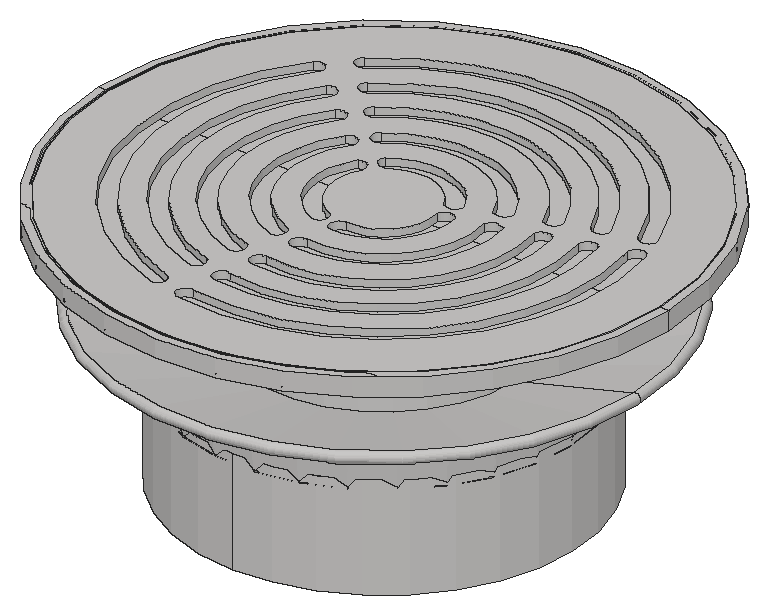
Revit family "Drain_Floor_Medium-Duty_Adjustable_Zurn-Z1726-1", category Plumbing Fixtures, Revit 2022
Family settings
  Round Connector Dimension = Use Radius
  Part Type = Normal
  OmniClass Number = 23.45.55.21
  OmniClass Title = Drains (Wastes)
  Work Plane-Based = No
  Always vertical = Yes
  Cut with Voids When Loaded = No
  Maintain Annotation Orientation = No
  Shared = No
  Room Calculation Point = No
Parameters (values of type "Load Family Type Catalog")
  Waste Connection = yes
  URL = "www.zurn.com"
  Type Comments = "Z1726-6 Inch Butt-Weld 10” Dia. Top (Sch.10)"
  Strainer Range [instance] = if(Enter Value_Strainer Height < 1.50", 1.50", if(Enter Value_Strainer Height > 2.625", 2.625", Enter Value_Strainer Height))  # 1.50"
  Strainer Height 1.5 [instance] = if(Enter Value_Strainer Height = 1.50", 1.53", if(Enter Value_Strainer Height = 2.63", 2.63", Enter Value_Strainer Height))  # 1.53"
  Enter Value_Strainer Height [instance] = 1.50"
  Slot distance Vertical = 1.61414"
  Slot distance Horizontal = 1.94479"
  Product data URL = "https://www.bimobject.com/en-in/zurnindustries/product/zurn-z1726"
  Product Page URL = "https://www.zurn.com/products/drainage-interceptors/floor-drains/finish-floor-drains/z1726"
  Product Documentation Link = "https://files.zurn.com/spec-sheets/z1726.pdf"
  Outside Diameter = 6.625"
  Modified Date = "08/28/2025"  # constant formula
  Model = "Z1726"  # constant formula
  Manufacturer Brand = "Zurn"  # constant formula
  Manufacturer = "Zurn Water, LLC"  # constant formula
  Main Material = Steel-Zurn-Stainless-304
  Inner Diameter = 6.357"
  Description = "Adjustable Floor Drain Medium Duty With Round Top"  # constant formula
  Default Elevation = 20.00"
  Date Created = "2025/11/07"  # constant formula
  Bottom Connector Constraint = E_Body Height - 1.53125"  # 1.34375"
  Body = Steel-Zurn-Stainless-304-Polished-Silver
  B_Strainer Dia = 10.00"
  B2_Strainer Exterior Radius = 5.00"
  B1_Strainer Interior Radius = B2_Strainer Exterior Radius - 0.15625"  # 4.84375"
  Assembly Code = "D2030300"
  Approx. Weight (lbs) = 27
  Anno_height [instance] = if(Enter Value_Strainer Height = 1.50", 1.53", if(Enter Value_Strainer Height = 2.63", 2.63", Enter Value_Strainer Height))  # 1.53"
  Anno_Strainer Dia Exterior = B2_Strainer Exterior Radius * 2  # 10.00"
  Anno_Outlet Dia Exterior = A2_Outlet Radius Exterior * 2  # 6.625"
  Anno Strainer constrain = 0.87546"
  A_Nominal Radius = A_Nominal Dia / 2  # 3.00"
  A2_Outlet Radius Exterior = Outside Diameter / 2  # 3.3125"
  A1_Outlet Radius Interior = Inner Diameter / 2  # 3.1785"
  E_Body Height = 2.875"
  A_Nominal Dia = 6.00"
  8_Strainer Slots = yes
  10 Model lines slots = yes
  7_Strainer Slots = yes
  6_Strainer Slots = yes
  5_Strainer Slots = yes
  10_Strainer Slots = yes
Reference planes (in)
  plane 1 "Center (Front/Back)": y = 0
  plane 2: z = 0
  plane 3 "Center (Left/Right)": x = 0
  plane 4: z = -4.375
  plane 5: z = -1.5
  plane 6: z = -1.5
  plane 7: z = -3.03125
  plane 8: z = -0.25
  plane 9: x = -1.99876
  plane 10: x = 1.99876
  plane 11: y = 1.99876
  plane 12: y = -1.99744
  plane 13: through (-5.54329, 5.02968, 47.24409) normal (0.672, 0.7406, 0)
  plane 14: through (0, 0, 47.24409) normal (0.9773, -0.2116, 0)
  plane 15: through (0, 0, 47.24409) normal (-0.3054, 0.9522, 0)
  plane 16: y = 3
  plane 17: y = -3
  plane 18: y = 3.3125
  plane 19: y = -3.3125
  plane 20: y = 5
  plane 21: y = -5
  plane 22: x = -5
  plane 23: x = 5
  plane 24: x = 3
  plane 25: x = -3
  plane 26: z = -0.125
  plane 27: z = -0.3125
  plane 28: x = -4.875
  plane 29: x = 4.875
Forms (in)
  Revolve 1, solid, material "Steel-Zurn-Stainless-304" <- "Main Material", detail levels fine
    sketch origin (2.5, 0, -1.60774) x (1, 0, 0) y (0, 0, 1)
      loop
        line (-7.5, 1.60774) -> (-7.5, 1.35774) -> (-2.91502, 1.35774) -> (-2.91502, 1.48274) -> (-7.34375, 1.48274) -> (-7.34375, 1.60774) -> (-7.5, 1.60774)
      axis (-2.5, 1.60774) -> (-2.5, 1.35774)
    angle from 0 to 360
  Extrusion 2, solid, material "Steel-Zurn-Stainless-304" <- "Main Material", detail levels fine
    sketch origin (0, 0, 0) x (1, 0, 0) y (0, 1, 0)
      loop
        circle (0, 0) r 4.84375
    from 0 to -0.125
  Revolve 3, solid, material "Steel-Zurn-Stainless-304-Polished-Silver" <- "Body", detail levels fine
    sketch origin (0, 0, 0) x (1, 0, 0) y (0, 0, 1)
      loop
        line (-1.92001, -0.50004) -> (-1.92001, -1.37343) -> (-1.92001, -1.5) -> (-1.85751, -1.5) -> (-1.85751, -0.47252) -> (-2.23719, -0.125) -> (-4.875, -0.125) -> (-4.875, 0) -> (-5, 0) -> (-5, -0.3125) -> (-2.1249, -0.3125) -> (-1.92001, -0.50004)
      axis (0, 0) -> (0, -1.5)
    angle from 0 to 360
  Sweep 4, solid, material "Steel-Zurn-Stainless-304-Polished-Silver" <- "Body", detail levels fine
    path origin (0, 0, 0) x (1, 0, 0) y (0, 0, 1)
      loop
        line (0, -2.56131) -> (0, -4.375)
    profile origin (0, 0, -3.46816) x (0, -1, 0) y (1, 0, 0)
      loop
        circle (0, 0) r 3.1785
      loop
        circle (0, 0) r 3.3125
  Revolve 5, solid, material "Steel-Zurn-Stainless-304-Polished-Silver" <- "Body", detail levels fine
    sketch origin (0, 0, 0.74907) x (1, 0, 0) y (0, 0, 1)
      loop
        arc (-4.39391, -2.24907) -> (-4.4985, -2.32409) -> (-4.43051, -2.43338) r 0.09416
        line (-4.43051, -2.43338) -> (-3.49947, -2.68285)
        arc (-3.49947, -2.68285) -> (-3.40543, -2.74219) -> (-3.36153, -2.84436) r 0.1875
        line (-3.36153, -2.84436) -> (-3.29791, -3.44937)
        arc (-3.29791, -3.44937) -> (-3.28033, -3.48664) -> (-3.24337, -3.50487) r 0.0625
        line (-3.24337, -3.50487) -> (-3.01105, -3.5334) -> (-1, -3.78032) -> (-1, -2.65147) -> (-1.99876, -2.65147) -> (-1.99876, -1.87428) -> (-2.25002, -1.87428) -> (-2.28615, -2.81385) -> (-4.39391, -2.24907)
      axis (0, -3.78032) -> (0, -1.87428)
    angle from 0 to 360
  Extrusion 6, void
    sketch origin (0, 0, 0) x (1, 0, 0) y (0, 1, 0)
      loop
        arc (-2.20292, 2.38948) -> (-2.20607, 2.18178) -> (-1.99869, 2.16973) r 0.15014
        arc (-1.99869, 2.16973) -> (0.63166, 2.88158) -> (2.72304, 1.1347) r 2.95
        arc (2.72304, 1.1347) -> (2.91624, 1.06104) -> (2.99996, 1.2501) r 0.15021
        arc (2.99996, 1.2501) -> (0.69525, 3.17476) -> (-2.20292, 2.38948) r 3.25
      loop
        arc (-2.58711, 1.96672) -> (-3.09335, -0.99614) -> (-0.9533, -3.10682) r 3.24979
        arc (-0.9533, -3.10682) -> (-0.77505, -3.00396) -> (-0.86654, -2.81962) r 0.15031
        arc (-0.86654, -2.81962) -> (-2.80665, -0.90767) -> (-2.3535, 1.77825) r 2.94977
        arc (-2.3535, 1.77825) -> (-2.3822, 1.9817) -> (-2.58711, 1.96672) r 0.15042
      loop
        arc (-0.40256, -3.22502) -> (2.41198, -2.17833) -> (3.16747, 0.72794) r 3.25004
        arc (3.16747, 0.72794) -> (2.98921, 0.83291) -> (2.87507, 0.66038) r 0.15026
        arc (2.87507, 0.66038) -> (2.1897, -1.97671) -> (-0.36375, -2.92743) r 2.94994
        arc (-0.36375, -2.92743) -> (-0.52573, -3.05763) -> (-0.40256, -3.22502) r 0.15019
      loop
        arc (-1.7152, 1.91775) -> (-1.72466, 1.71946) -> (-1.52994, 1.68085) r 0.15204
        arc (-1.52994, 1.68085) -> (0.49997, 2.2172) -> (2.10324, 0.86158) r 2.27287
        arc (2.10324, 0.86158) -> (2.29171, 0.83758) -> (2.36515, 1.01279) r 0.1569
        arc (2.36515, 1.01279) -> (0.55708, 2.51184) -> (-1.7152, 1.91775) r 2.57287
      loop
        arc (-2.07497, 1.52125) -> (-2.44602, -0.79792) -> (-0.77878, -2.45218) r 2.57287
        arc (-0.77878, -2.45218) -> (-0.61151, -2.3621) -> (-0.65367, -2.17685) r 0.1569
        arc (-0.65367, -2.17685) -> (-2.1583, -0.71252) -> (-1.82123, 1.35981) r 2.27287
        arc (-1.82123, 1.35981) -> (-1.87853, 1.54988) -> (-2.07497, 1.52125) r 0.15204
      loop
        arc (-0.27996, -2.5576) -> (1.91403, -1.71935) -> (2.51304, 0.55165) r 2.57287
        arc (2.51304, 0.55165) -> (2.35139, 0.65147) -> (2.21204, 0.52233) r 0.1569
        arc (2.21204, 0.52233) -> (1.69621, -1.51288) -> (-0.26702, -2.25714) r 2.27287
        arc (-0.26702, -2.25714) -> (-0.40297, -2.40179) -> (-0.27996, -2.5576) r 0.15204
      loop
        arc (-1.18941, 1.41402) -> (-1.20461, 1.20522) -> (-0.99629, 1.18443) r 0.15005
        arc (-0.99629, 1.18443) -> (0.34437, 1.50894) -> (1.41151, 0.63492) r 1.54774
        arc (1.41151, 0.63492) -> (1.58811, 0.60796) -> (1.68511, 0.75799) r 0.16445
        arc (1.68511, 0.75799) -> (0.41112, 1.80142) -> (-1.18941, 1.41402) r 1.84774
      loop
        arc (-1.52264, 1.04675) -> (-1.75309, -0.58379) -> (-0.59109, -1.75064) r 1.84774
        arc (-0.59109, -1.75064) -> (-0.45117, -1.63956) -> (-0.49512, -1.46641) r 0.16445
        arc (-0.49512, -1.46641) -> (-1.46845, -0.48901) -> (-1.27542, 0.8768) r 1.54774
        arc (-1.27542, 0.8768) -> (-1.3163, 1.08212) -> (-1.52264, 1.04675) r 0.15005
      loop
        arc (-0.14519, -1.84202) -> (1.38212, -1.22632) -> (1.81164, 0.36342) r 1.84774
        arc (1.81164, 0.36342) -> (1.64549, 0.42906) -> (1.5175, 0.30442) r 0.16445
        arc (1.5175, 0.30442) -> (1.15772, -1.02722) -> (-0.12162, -1.54295) r 1.54774
        arc (-0.12162, -1.54295) -> (-0.27899, -1.68101) -> (-0.14519, -1.84202) r 0.15005
      loop
        arc (-0.70607, 0.89365) -> (-0.67685, 0.70876) -> (-0.49195, 0.67954) r 0.15916
        arc (-0.49195, 0.67954) -> (0.19688, 0.8155) -> (0.74781, 0.38024) r 0.83892
        arc (0.74781, 0.38024) -> (0.92994, 0.35299) -> (1.01522, 0.51621) r 0.15872
        arc (1.01522, 0.51621) -> (0.24395, 1.11249) -> (-0.70607, 0.89365) r 1.13892
      loop
        arc (-0.95788, 0.61612) -> (-1.08361, -0.35063) -> (-0.41538, -1.06048) r 1.13892
        arc (-0.41538, -1.06048) -> (-0.26119, -0.95977) -> (-0.30596, -0.78114) r 0.15872
        arc (-0.30596, -0.78114) -> (-0.79257, -0.27499) -> (-0.72402, 0.42377) r 0.83892
        arc (-0.72402, 0.42377) -> (-0.77103, 0.60497) -> (-0.95788, 0.61612) r 0.15916
      loop
        arc (-0.05464, -1.13761) -> (0.84546, -0.76312) -> (1.12609, 0.17051) r 1.13892
        arc (1.12609, 0.17051) -> (0.96178, 0.25369) -> (0.82947, 0.1256) r 0.15872
        arc (0.82947, 0.1256) -> (0.63444, -0.54889) -> (-0.00499, -0.83891) r 0.83892
        arc (-0.00499, -0.83891) -> (-0.1384, -0.97021) -> (-0.05464, -1.13761) r 0.15916
      loop
        arc (-2.67944, 2.90226) -> (-2.68022, 2.69444) -> (-2.47261, 2.6849) r 0.15015
        arc (-2.47261, 2.6849) -> (0.8232, 3.55596) -> (3.40094, 1.32519) r 3.65
        arc (3.40094, 1.32519) -> (3.5913, 1.24978) -> (3.68047, 1.43411) r 0.15041
        arc (3.68047, 1.43411) -> (0.88847, 3.84878) -> (-2.67944, 2.90226) r 3.95
      loop
        arc (-3.1483, 2.38552) -> (-3.74454, -1.25734) -> (-1.07062, -3.80214) r 3.95
        arc (-1.07062, -3.80214) -> (-0.89581, -3.69553) -> (-0.98931, -3.51337) r 0.15041
        arc (-0.98931, -3.51337) -> (-3.45943, -1.16399) -> (-2.91192, 2.20073) r 3.65
        arc (-2.91192, 2.20073) -> (-2.94153, 2.40644) -> (-3.1483, 2.38552) r 0.15015
      loop
        arc (-0.49177, -3.91927) -> (2.96116, -2.6142) -> (3.82806, 0.97389) r 3.95
        arc (3.82806, 0.97389) -> (3.64833, 1.07197) -> (3.53732, 0.89992) r 0.15041
        arc (3.53732, 0.89992) -> (2.73776, -2.41396) -> (-0.44993, -3.62216) r 3.65
        arc (-0.44993, -3.62216) -> (-0.61327, -3.75066) -> (-0.49177, -3.91927) r 0.15015
    from -0.25 to 0
Cuts and joins
  Extrusion 6 cuts Extrusion 2
Lines and regions (in)
  Masking region 1, detail levels fine
    outline origin (0, 0, 0) x (1, 0, 0) y (0, 1, 0)
      loop
        circle (0, 0) r 5
  model lines, detail levels coarse+medium
    curve 1: line (0, 0, -4.375) -> (0, 0, 0)
    curve 99: line (3, 0, -4.375) -> (-3, 0, -4.375)
    curve 106: arc (3.1427, 3.88889, 0) -> (0, 5, 0) -> (-3.1427, 3.88889, 0) r 5
    curve 109: line (-3.1427, 3.88889, 0) -> (3.1427, 3.88889, 0)
    curve 110: line (-4.1574, 2.77778, 0) -> (4.1574, 2.77778, 0)
    curve 111: line (-4.71405, 1.66667, 0) -> (4.71405, 1.66667, 0)
    curve 112: line (-4.96904, 0.55556, 0) -> (4.96904, 0.55556, 0)
    curve 113: arc (-4.71405, 1.66667, 0) -> (-4.47038, 2.23958, 0) -> (-4.1574, 2.77778, 0) r 5
    curve 114: arc (4.1574, 2.77778, 0) -> (4.47038, 2.23958, 0) -> (4.71405, 1.66667, 0) r 5
    curve 115: line (-4.96904, -0.55556, 0) -> (4.96904, -0.55556, 0)
    curve 116: line (4.71405, -1.66667, 0) -> (-4.71405, -1.66667, 0)
    curve 117: line (-4.1574, -2.77778, 0) -> (4.1574, -2.77778, 0)
    curve 118: line (3.1427, -3.88889, 0) -> (-3.1427, -3.88889, 0)
    curve 119: arc (-4.96904, -0.55556, 0) -> (-5, 0, 0) -> (-4.96904, 0.55556, 0) r 5
    curve 120: arc (-4.1574, -2.77778, 0) -> (-4.47038, -2.23958, 0) -> (-4.71405, -1.66667, 0) r 5
    curve 121: arc (4.96904, 0.55556, 0) -> (5, 0, 0) -> (4.96904, -0.55556, 0) r 5
    curve 122: arc (4.71405, -1.66667, 0) -> (4.47038, -2.23958, 0) -> (4.1574, -2.77778, 0) r 5
    curve 123: arc (-3.1427, -3.88889, 0) -> (0, -5, 0) -> (3.1427, -3.88889, 0) r 5
    curve 124: circle (0, 0, 0) r 5 normal (0, 0, 1)
    curve 125: line (-3.88889, 3.1427, 0) -> (-3.88889, -3.1427, 0)
    curve 126: line (-1.66667, -4.71405, 0) -> (-1.66667, 4.71405, 0)
    curve 127: line (0.55556, 4.96904, 0) -> (0.55556, -4.96904, 0)
    curve 128: line (1.66667, -4.71405, 0) -> (1.66667, 4.71405, 0)
    curve 129: line (2.77778, 4.1574, 0) -> (2.77778, -4.1574, 0)
    curve 130: line (3.88889, -3.1427, 0) -> (3.88889, 3.1427, 0)
    curve 131: line (-2.77778, 4.1574, 0) -> (-2.77778, -4.1574, 0)
    curve 132: line (-0.55556, 4.96904, 0) -> (-0.55556, -4.96904, 0)
    curve 133: arc (-3.88889, 3.1427, 0) -> (-5, 0, 0) -> (-3.88889, -3.1427, 0) r 5
    curve 134: arc (-2.77778, 4.1574, 0) -> (-2.23958, 4.47038, 0) -> (-1.66667, 4.71405, 0) r 5
    curve 135: arc (-0.55556, 4.96904, 0) -> (0, 5, 0) -> (0.55556, 4.96904, 0) r 5
    curve 136: arc (1.66667, 4.71405, 0) -> (2.23958, 4.47038, 0) -> (2.77778, 4.1574, 0) r 5
    curve 137: arc (3.88889, 3.1427, 0) -> (5, 0, 0) -> (3.88889, -3.1427, 0) r 5
    curve 138: arc (-2.77778, -4.1574, 0) -> (-2.23958, -4.47038, 0) -> (-1.66667, -4.71405, 0) r 5
    curve 139: arc (-0.55556, -4.96904, 0) -> (0, -5, 0) -> (0.55556, -4.96904, 0) r 5
    curve 140: arc (1.66667, -4.71405, 0) -> (2.23958, -4.47038, 0) -> (2.77778, -4.1574, 0) r 5
  model lines, visible <- "5_Strainer Slots", not visible, detail levels fine
    curve 2: arc (0.34047, 0.15719, 0) -> (0.375, -0.00033, 0) -> (0.34019, -0.15779, 0) r 0.375
    curve 3: arc (0.60468, -0.25501, 0) -> (0.65624, 0.00442, 0) -> (0.60119, 0.26313, 0) r 0.65625
    curve 4: arc (0.87257, 0.87257, 0) -> (1.22429, 0.00093, 0) -> (0.86973, -0.86956, 0) r 1.25087
    curve 5: arc (1.09824, -1.0983, 0) -> (1.56249, -0.00002, 0) -> (1.09826, 1.09826, 0) r 1.53126
    curve 6: arc (1.18001, 1.18009, 0) -> (1.65943, 0.00068, 0) -> (1.17793, -1.17788, 0) r 1.68678
    curve 7: arc (1.40763, -1.40775, 0) -> (2.00001, -0.00013, 0) -> (1.40772, 1.40753, 0) r 1.96874
    curve 8: arc (0.34124, -0.15828, 0) -> (0.42044, -0.34969, 0) -> (0.60468, -0.25501, 0) r 0.14079
    curve 9: arc (0.60119, 0.26313, 0) -> (0.4154, 0.34671, 0) -> (0.34057, 0.15723, 0) r 0.14081
    curve 10: arc (0.78917, -0.78917, 0) -> (1.07865, -0.01387, 0) -> (0.74225, 0.74225, 0) r 1.09375
    curve 11: arc (0.54332, 0.54332, 0) -> (0.79723, -0.01387, 0) -> (0.59008, -0.59008, 0) r 0.8125
    curve 25: arc (1.40763, -1.40775, 0) -> (1.17909, -1.40642, 0) -> (1.17793, -1.17788, 0) r 0.16249
    curve 26: arc (1.09824, -1.0983, 0) -> (0.8712, -1.0966, 0) -> (0.86973, -0.86956, 0) r 0.16168
    curve 27: arc (0.78917, -0.78917, 0) -> (0.59008, -0.78917, 0) -> (0.59008, -0.59008, 0) r 0.14078
    curve 28: arc (0.54332, 0.54332, 0) -> (0.54044, 0.74513, 0) -> (0.74225, 0.74225, 0) r 0.14072
    curve 29: arc (0.87257, 0.87257, 0) -> (0.87444, 1.09639, 0) -> (1.09826, 1.09826, 0) r 0.15961
    curve 30: arc (1.18001, 1.18009, 0) -> (1.18148, 1.40633, 0) -> (1.40772, 1.40753, 0) r 0.16093
    curve 34: arc (-0.03411, -0.37345, 0) -> (-0.18779, -0.32459, 0) -> (-0.30674, -0.21571, 0) r 0.375
    curve 35: arc (-0.52318, -0.39616, 0) -> (-0.32429, -0.57053, 0) -> (-0.07271, -0.65221, 0) r 0.65625
    curve 36: arc (0.31938, -1.19195, 0) -> (-0.61134, -1.06073, 0) -> (-1.18792, -0.31843, 0) r 1.25087
    curve 37: arc (-1.50028, -0.40196, 0) -> (-0.78127, -1.35315, 0) -> (0.40199, -1.50025, 0) r 1.53126
    curve 38: arc (0.43198, -1.61197, 0) -> (-0.82913, -1.43744, 0) -> (-1.60904, -0.43117, 0) r 1.68678
    curve 39: arc (-1.92296, -0.51517, 0) -> (-1.00011, -1.732, 0) -> (0.5151, -1.92289, 0) r 1.96874
    curve 40: arc (-0.30769, -0.21638, 0) -> (-0.51306, -0.18926, 0) -> (-0.52318, -0.39616, 0) r 0.14079
    curve 41: arc (-0.07271, -0.65221, 0) -> (0.09255, -0.5331, 0) -> (-0.03412, -0.37356, 0) r 0.14081
    curve 42: arc (-1.07803, -0.28886, 0) -> (-0.55134, -0.92721, 0) -> (0.27168, -1.01393, 0) r 1.09375
    curve 43: arc (0.19887, -0.74218, 0) -> (-0.41063, -0.68348, 0) -> (-0.80606, -0.21598, 0) r 0.8125
    curve 57: arc (-1.92296, -0.51517, 0) -> (-1.80754, -0.31792, 0) -> (-1.60904, -0.43117, 0) r 0.16249
    curve 58: arc (-1.50028, -0.40196, 0) -> (-1.38529, -0.20618, 0) -> (-1.18792, -0.31843, 0) r 0.16168
    curve 59: arc (-1.07803, -0.28886, 0) -> (-0.97848, -0.11644, 0) -> (-0.80606, -0.21598, 0) r 0.14078
    curve 60: arc (0.19887, -0.74218, 0) -> (0.37508, -0.8406, 0) -> (0.27168, -1.01393, 0) r 0.14072
    curve 61: arc (0.31938, -1.19195, 0) -> (0.51228, -1.30548, 0) -> (0.40199, -1.50025, 0) r 0.15961
    curve 62: arc (0.43198, -1.61197, 0) -> (0.62718, -1.72635, 0) -> (0.5151, -1.92289, 0) r 0.16093
    curve 66: arc (-0.31551, 0.20268, 0) -> (-0.20122, 0.31644, 0) -> (-0.04972, 0.37169, 0) r 0.375
    curve 67: arc (-0.10986, 0.64699, 0) -> (-0.35635, 0.55107, 0) -> (-0.54496, 0.36563, 0) r 0.65625
    curve 68: arc (-1.20476, 0.26703, 0) -> (-0.65864, 1.03202, 0) -> (0.26601, 1.20075, 0) r 1.25087
    curve 69: arc (0.33614, 1.51638, 0) -> (-0.83957, 1.31776, 0) -> (-1.51637, 0.33609, 0) r 1.53126
    curve 70: arc (-1.62931, 0.36107, 0) -> (-0.89225, 1.39914, 0) -> (0.36044, 1.62635, 0) r 1.68678
    curve 71: arc (0.43086, 1.94359, 0) -> (-1.07458, 1.68681, 0) -> (-1.94349, 0.4309, 0) r 1.96874
    curve 72: arc (-0.04987, 0.37284, 0) -> (0.069, 0.54249, 0) -> (-0.10986, 0.64699, 0) r 0.14079
    curve 73: arc (-0.54496, 0.36563, 0) -> (-0.51561, 0.16404, 0) -> (-0.31561, 0.20274, 0) r 0.14081
    curve 74: arc (0.2415, 1.08961, 0) -> (-0.56791, 0.91715, 0) -> (-1.02483, 0.22715, 0) r 1.09375
    curve 75: arc (-0.75016, 0.16627, 0) -> (-0.41668, 0.67981, 0) -> (0.18058, 0.81473, 0) r 0.8125
    curve 89: arc (0.43086, 1.94359, 0) -> (0.55255, 1.75014, 0) -> (0.36044, 1.62635, 0) r 0.16249
    curve 90: arc (0.33614, 1.51638, 0) -> (0.45671, 1.32399, 0) -> (0.26601, 1.20075, 0) r 0.16168
    curve 91: arc (0.2415, 1.08961, 0) -> (0.34848, 0.92171, 0) -> (0.18058, 0.81473, 0) r 0.14078
    curve 92: arc (-0.75016, 0.16627, 0) -> (-0.91881, 0.0554, 0) -> (-1.02483, 0.22715, 0) r 0.14072
    curve 93: arc (-1.20476, 0.26703, 0) -> (-1.39453, 0.14834, 0) -> (-1.51637, 0.33609, 0) r 0.15961
    curve 94: arc (-1.62931, 0.36107, 0) -> (-1.82091, 0.24074, 0) -> (-1.94349, 0.4309, 0) r 0.16093
    curve 105: circle (0, 0, 0) r 0.14063 normal (0, 0, -1)
  model lines, visible <- "6_Strainer Slots", not visible, detail levels fine
    curve 12: arc (1.85616, 1.85616, 0) -> (2.625, 0, 0) -> (1.85616, -1.85616, 0) r 2.625
    curve 13: arc (1.59099, -1.59099, 0) -> (2.25, 0, 0) -> (1.59099, 1.59099, 0) r 2.25
    curve 24: arc (1.85616, -1.85616, 0) -> (1.59099, -1.85616, 0) -> (1.59099, -1.59099, 0) r 0.1875
    curve 31: arc (1.85616, 1.85616, 0) -> (1.59099, 1.85616, 0) -> (1.59099, 1.59099, 0) r 0.1875
    curve 44: arc (0.6794, -2.53556, 0) -> (-1.3125, -2.27332, 0) -> (-2.53556, -0.6794, 0) r 2.625
    curve 45: arc (-2.17333, -0.58234, 0) -> (-1.125, -1.94856, 0) -> (0.58234, -2.17333, 0) r 2.25
    curve 56: arc (-2.53556, -0.6794, 0) -> (-2.40297, -0.44976, 0) -> (-2.17333, -0.58234, 0) r 0.1875
    curve 63: arc (0.6794, -2.53556, 0) -> (0.81198, -2.30592, 0) -> (0.58234, -2.17333, 0) r 0.1875
    curve 76: arc (-2.5628, 0.56803, 0) -> (-1.41052, 2.21383, 0) -> (0.56803, 2.5628, 0) r 2.625
    curve 77: arc (0.48688, 2.19669, 0) -> (-1.20902, 1.89757, 0) -> (-2.19669, 0.48688, 0) r 2.25
    curve 88: arc (0.56803, 2.5628, 0) -> (0.71051, 2.33917, 0) -> (0.48688, 2.19669, 0) r 0.1875
    curve 95: arc (-2.5628, 0.56803, 0) -> (-2.42032, 0.3444, 0) -> (-2.19669, 0.48688, 0) r 0.1875
  model lines, visible <- "7_Strainer Slots", not visible, detail levels fine
    curve 14: arc (2.2479, 2.2479, 0) -> (3.17901, 0, 0) -> (2.2479, -2.2479, 0) r 3.17901
    curve 15: arc (2.00325, -2.00325, 0) -> (2.83302, 0, 0) -> (2.00325, 2.00325, 0) r 2.83302
    curve 23: arc (2.2479, -2.2479, 0) -> (2.00325, -2.2479, 0) -> (2.00325, -2.00325, 0) r 0.173
    curve 32: arc (2.00325, 2.00325, 0) -> (2.00325, 2.2479, 0) -> (2.2479, 2.2479, 0) r 0.173
    curve 46: arc (0.82279, -3.07069, 0) -> (-1.5895, -2.7531, 0) -> (-3.07069, -0.82279, 0) r 3.17901
    curve 47: arc (-2.73648, -0.73324, 0) -> (-1.41651, -2.45346, 0) -> (0.73324, -2.73648, 0) r 2.83302
    curve 55: arc (-3.07069, -0.82279, 0) -> (-2.94836, -0.61091, 0) -> (-2.73648, -0.73324, 0) r 0.173
    curve 64: arc (0.73324, -2.73648, 0) -> (0.94511, -2.85881, 0) -> (0.82279, -3.07069, 0) r 0.173
    curve 78: arc (-3.10369, 0.68791, 0) -> (-1.70821, 2.68106, 0) -> (0.68791, 3.10369, 0) r 3.17901
    curve 79: arc (0.61304, 2.76589, 0) -> (-1.5223, 2.38927, 0) -> (-2.76589, 0.61304, 0) r 2.83302
    curve 87: arc (0.68791, 3.10369, 0) -> (0.81937, 2.89736, 0) -> (0.61304, 2.76589, 0) r 0.173
    curve 96: arc (-2.76589, 0.61304, 0) -> (-2.97222, 0.48158, 0) -> (-3.10369, 0.68791, 0) r 0.173
  model lines, visible <- "8_Strainer Slots", not visible, detail levels fine
    curve 16: arc (2.56587, 2.56587, 0) -> (3.62869, 0, 0) -> (2.56587, -2.56587, 0) r 3.62869
    curve 17: arc (2.2981, -2.2981, 0) -> (3.25, 0, 0) -> (2.2981, 2.2981, 0) r 3.25
    curve 22: arc (2.56587, -2.56587, 0) -> (2.2981, -2.56587, 0) -> (2.2981, -2.2981, 0) r 0.18935
    curve 33: arc (2.2981, 2.2981, 0) -> (2.2981, 2.56587, 0) -> (2.56587, 2.56587, 0) r 0.18935
    curve 48: arc (0.93918, -3.50505, 0) -> (-1.81435, -3.14254, 0) -> (-3.50505, -0.93918, 0) r 3.62869
    curve 49: arc (-3.13926, -0.84116, 0) -> (-1.625, -2.81458, 0) -> (0.84116, -3.13926, 0) r 3.25
    curve 54: arc (-3.50505, -0.93918, 0) -> (-3.37116, -0.70727, 0) -> (-3.13926, -0.84116, 0) r 0.18935
    curve 65: arc (0.84116, -3.13926, 0) -> (1.07306, -3.27315, 0) -> (0.93918, -3.50505, 0) r 0.18935
    curve 80: arc (-3.54272, 0.78522, 0) -> (-1.94985, 3.06031, 0) -> (0.78522, 3.54272, 0) r 3.62869
    curve 81: arc (0.70327, 3.173, 0) -> (-1.74636, 2.74094, 0) -> (-3.173, 0.70327, 0) r 3.25
    curve 86: arc (0.78522, 3.54272, 0) -> (0.92911, 3.31688, 0) -> (0.70327, 3.173, 0) r 0.18935
    curve 97: arc (-3.173, 0.70327, 0) -> (-3.39883, 0.55939, 0) -> (-3.54272, 0.78522, 0) r 0.18935
  model lines, visible <- "10_Strainer Slots", not visible, detail levels fine
    curve 18: arc (3.26807, 3.26807, 0) -> (4.62175, 0, 0) -> (3.26807, -3.26807, 0) r 4.62175
    curve 19: arc (3.0052, 3.0052, 0) -> (4.25, 0, 0) -> (3.0052, -3.0052, 0) r 4.25
    curve 20: arc (3.26807, 3.26807, 0) -> (3.0052, 3.26807, 0) -> (3.0052, 3.0052, 0) r 0.18587
    curve 21: arc (3.0052, -3.0052, 0) -> (3.0052, -3.26807, 0) -> (3.26807, -3.26807, 0) r 0.18587
    curve 50: arc (1.1962, -4.46427, 0) -> (-2.31087, -4.00255, 0) -> (-4.46427, -1.1962, 0) r 4.62175
    curve 51: arc (1.09998, -4.10518, 0) -> (-2.125, -3.68061, 0) -> (-4.10518, -1.09998, 0) r 4.25
    curve 52: arc (1.1962, -4.46427, 0) -> (1.32763, -4.23662, 0) -> (1.09998, -4.10518, 0) r 0.18587
    curve 53: arc (-4.10518, -1.09998, 0) -> (-4.33283, -0.96855, 0) -> (-4.46427, -1.1962, 0) r 0.18587
    curve 82: arc (-4.51224, 1.00011, 0) -> (-2.48345, 3.89782, 0) -> (1.00011, 4.51224, 0) r 4.62175
    curve 83: arc (-4.1493, 0.91967, 0) -> (-2.2837, 3.5843, 0) -> (0.91967, 4.1493, 0) r 4.25
    curve 84: arc (-4.51224, 1.00011, 0) -> (-4.371, 0.77842, 0) -> (-4.1493, 0.91967, 0) r 0.18587
    curve 85: arc (0.91967, 4.1493, 0) -> (1.14136, 4.29055, 0) -> (1.00011, 4.51224, 0) r 0.18587
  symbolic lines, detail levels coarse+medium
    curve 98: circle (0, 0, 0) r 4.84375 normal (0, 0, 1)
    curve 107: line (0, 0, 0) -> (0, 0, -4.375)
    curve 108: line (0, 3, -4.375) -> (0, -3, -4.375)
    curve 142: line (5, 0, 0) -> (-5, 0, 0)
    curve 143: line (0, 0, 0) -> (0, 0, -4.375)
    curve 145: circle (0, 0, 0) r 4.5 normal (0, 0, 1)
    curve 146: line (0, 5, 0) -> (0, -5, 0)
  model lines, style "InvisibleLines", detail levels fine
    curve 100: line (0, -3, -4.375) -> (0.57876, -3, -4.375)
    curve 101: line (0, 3, -4.375) -> (0.57876, 3, -4.375)
  model lines, style "PlumbingFixtures", detail levels coarse+medium
    curve 102: line (0, 3, -4.375) -> (0, -3, -4.375)
  symbolic lines, detail levels fine
    curve 103: line (0, 3.33012, -1.5) -> (0, 3.39391, -1.5)
    curve 104: line (0, -3.33012, -1.5) -> (0, -3.39391, -1.5)
    curve 141: line (-5, 0, 0) -> (5, 0, 0)
  symbolic lines
    curve 144: line (3, 0, -4.375) -> (-3, 0, -4.375)
Dimensions and locks (in)
  "B1_Strainer Interior Radius": plane 3 "Center (Left/Right)" to Revolve 1 sketch curve
  locked: Revolve 1 sketch curve to Revolve 1 sketch curve at 0.15625
  "Bottom Connector Constraint": plane 7 to plane 4
  "Strainer Range": plane 2 to plane 6
  locked: Revolve 5 sketch curve to Revolve 5 sketch curve at 0.77719
  locked: Revolve 5 sketch curve to Revolve 5 sketch curve at 0.1875
  locked: Revolve 5 sketch curve to Revolve 5 sketch curve at 1.90605
  "A_Nominal Dia": curve 99 to curve 99
  equal spacing: curve 99, plane 3 "Center (Left/Right)", curve 99
  equal spacing: curve 100, plane 1 "Center (Front/Back)", curve 101
  curve 100 to curve 101 = 6.00"
  "A_Nominal Dia": curve 101 to curve 100
  equal spacing: curve 101, curve 99, curve 100
  equal spacing: plane 20, plane 1 "Center (Front/Back)", plane 21
  "B_Strainer Dia": plane 20 to plane 21
  equal spacing: plane 20, curve 109, curve 110, curve 111, curve 112, curve 115, curve 116, curve 117, curve 118, plane 21
  equal spacing: plane 22, plane 3 "Center (Left/Right)", plane 23
  "B_Strainer Dia": plane 22 to plane 23
  equal spacing: plane 22, curve 125, curve 131, curve 126, curve 132, curve 127, curve 128, curve 129, curve 130, plane 23
  plane 24 to plane 3 "Center (Left/Right)" to plane 25 = 3.00", 3.00"
  "A_Nominal Radius": plane 24 to plane 3 "Center (Left/Right)"
  "A_Nominal Radius": plane 3 "Center (Left/Right)" to plane 25
  level to plane 8 = 0.25"
  locked: level to plane 27 at 0.3125
  locked: level to plane 26 at 0.125
  locked: plane 28 to plane 22 at 0.125
  locked: plane 23 to plane 29 at 0.125
  locked: plane 3 "Center (Left/Right)" to Revolve 3 sketch curve at 2.23719
  Revolve 3 sketch curve to Revolve 3 sketch curve = 0.0625"
  locked: plane 3 "Center (Left/Right)" to Revolve 3 sketch curve at 1.85751
  locked: Revolve 3 sketch curve to Revolve 3 sketch curve at 0.0625
  "A_Nominal Radius": plane 16 to plane 1 "Center (Front/Back)"
  "A_Nominal Radius": plane 1 "Center (Front/Back)" to plane 17
  "E_Body Height": plane 6 to plane 4
  "B1_Strainer Interior Radius": radius of Extrusion 2 sketch curve
  "A1_Outlet Radius Interior": radius of Sweep 4 sketch curve
  "A2_Outlet Radius Exterior": radius of Sweep 4 sketch curve
  "B1_Strainer Interior Radius": radius of curve 98
  radius of cut or joined group of Extrusion 2, Extrusion 6 = 3.95"
  radius of cut or joined group of Extrusion 2, Extrusion 6 = 3.65"
  radius of cut or joined group of Extrusion 2, Extrusion 6 = 3.25"
  radius of cut or joined group of Extrusion 2, Extrusion 6 = 2.95"
  radius of cut or joined group of Extrusion 2, Extrusion 6 = 2.57287"
  radius of cut or joined group of Extrusion 2, Extrusion 6 = 2.27287"
  radius of cut or joined group of Extrusion 2, Extrusion 6 = 1.84774"
  radius of cut or joined group of Extrusion 2, Extrusion 6 = 1.54774"
  radius of cut or joined group of Extrusion 2, Extrusion 6 = 1.13892"
  radius of cut or joined group of Extrusion 2, Extrusion 6 = 0.83892"
  "B2_Strainer Exterior Radius": radius of curve 106
  "B2_Strainer Exterior Radius": radius of curve 113
  "B2_Strainer Exterior Radius": radius of curve 114
  "B2_Strainer Exterior Radius": radius of curve 119
  "B2_Strainer Exterior Radius": radius of curve 120
  "B2_Strainer Exterior Radius": radius of curve 121
  "B2_Strainer Exterior Radius": radius of curve 122
  "B2_Strainer Exterior Radius": radius of curve 123
  "B_Strainer Dia": diameter of curve 124
  "B2_Strainer Exterior Radius": radius of curve 133
  "B2_Strainer Exterior Radius": radius of curve 134
  "B2_Strainer Exterior Radius": radius of curve 135
  "B2_Strainer Exterior Radius": radius of curve 136
  "B2_Strainer Exterior Radius": radius of curve 137
  "B2_Strainer Exterior Radius": radius of curve 138
  "B2_Strainer Exterior Radius": radius of curve 139
  "B2_Strainer Exterior Radius": radius of curve 140
  "B_Strainer Dia": diameter of Revolve 3
  angle plane 15 to plane 13 = 120.00°
  angle plane 13 to plane 14 = 120.00°
  angle plane 14 to plane 15 = 120.00°
  aligned and locked: level to plane 2
  aligned and locked: level to curve 1
  aligned and locked: plane 3 "Center (Left/Right)" to curve 1
  aligned and locked: plane 4 to curve 1
  aligned and locked: Extrusion 2 to Revolve 1
  aligned and locked: Sweep 4 to plane 4
  aligned and locked: plane 4 to curve 99
  aligned and locked: plane 6 to Revolve 5
  aligned and locked: Revolve 5 to plane 7
  aligned and locked: curve 102 to plane 3 "Center (Left/Right)"
  aligned and locked: curve 103 to plane 6
  aligned and locked: plane 6 to curve 104
  aligned and locked: Revolve 1 to Extrusion 6
  aligned and locked: plane 1 "Center (Front/Back)" to Extrusion 6 sketch curve  (x29)
  aligned and locked: plane 3 "Center (Left/Right)" to Extrusion 6 sketch curve  (x29)
  aligned and locked: plane 15 to Extrusion 6 sketch curve  (x2)
  aligned and locked: level to curve 107
  aligned and locked: plane 4 to curve 107
  aligned and locked: curve 107 to plane 1 "Center (Front/Back)"
  aligned and locked: plane 18 to Sweep 4
  aligned and locked: plane 19 to Sweep 4
  aligned and locked: curve 108 to plane 4
  aligned and locked: plane 3 "Center (Left/Right)" to curve 113
  aligned and locked: plane 1 "Center (Front/Back)" to curve 114
  aligned and locked: plane 3 "Center (Left/Right)" to curve 114
  aligned and locked: plane 1 "Center (Front/Back)" to curve 119
  aligned and locked: plane 3 "Center (Left/Right)" to curve 119
  aligned and locked: plane 1 "Center (Front/Back)" to curve 120
  aligned and locked: plane 3 "Center (Left/Right)" to curve 120
  aligned and locked: plane 1 "Center (Front/Back)" to curve 121
  aligned and locked: plane 3 "Center (Left/Right)" to curve 121
  aligned and locked: plane 1 "Center (Front/Back)" to curve 122
  aligned and locked: plane 3 "Center (Left/Right)" to curve 122
  aligned and locked: plane 1 "Center (Front/Back)" to curve 113
  aligned and locked: plane 1 "Center (Front/Back)" to curve 123
  aligned and locked: plane 1 "Center (Front/Back)" to curve 124
  aligned and locked: plane 3 "Center (Left/Right)" to curve 124
  aligned and locked: plane 3 "Center (Left/Right)" to curve 133
  aligned and locked: plane 1 "Center (Front/Back)" to curve 133
  aligned and locked: plane 1 "Center (Front/Back)" to curve 134
  aligned and locked: plane 3 "Center (Left/Right)" to curve 134
  aligned and locked: plane 1 "Center (Front/Back)" to curve 135
  aligned and locked: plane 3 "Center (Left/Right)" to curve 135
  aligned and locked: plane 1 "Center (Front/Back)" to curve 136
  aligned and locked: plane 3 "Center (Left/Right)" to curve 136
  aligned and locked: plane 1 "Center (Front/Back)" to curve 137
  aligned and locked: plane 3 "Center (Left/Right)" to curve 137
  aligned and locked: plane 1 "Center (Front/Back)" to curve 138
  aligned and locked: plane 3 "Center (Left/Right)" to curve 138
  aligned and locked: plane 1 "Center (Front/Back)" to curve 139
  aligned and locked: plane 3 "Center (Left/Right)" to curve 139
  aligned and locked: plane 1 "Center (Front/Back)" to curve 140
  aligned and locked: plane 3 "Center (Left/Right)" to curve 140
  aligned and locked: plane 22 to curve 141
  aligned and locked: plane 23 to curve 141
  aligned and locked: curve 141 to level
  aligned and locked: plane 23 to curve 142
  aligned and locked: plane 22 to curve 142
  aligned and locked: curve 142 to level
  aligned and locked: level to curve 143
  aligned and locked: plane 4 to curve 143
  aligned and locked: plane 3 "Center (Left/Right)" to curve 143
  aligned and locked: curve 144 to plane 4
  aligned and locked: plane 24 to curve 144
  aligned and locked: plane 25 to curve 144
  aligned and locked: plane 20 to curve 146
  aligned and locked: plane 21 to curve 146
  aligned and locked: curve 146 to level
  aligned and locked: Revolve 3 sketch curve to level
  aligned and locked: Revolve 3 sketch curve to plane 26
  aligned and locked: Revolve 3 sketch curve to plane 27
  aligned and locked: plane 6 to Revolve 3 sketch curve
  aligned and locked: Revolve 3 sketch curve to plane 28
  aligned and locked: Revolve 3 sketch curve to plane 22
  aligned and locked: plane 16 to curve 101
Automatic sketch dimensions
  Sweep 4 sketch curve to plane 3 "Center (Left/Right)" = 0.00"
  Sweep 4 sketch curve to plane 4 = 0.00"
  plane 7 to Sweep 4 sketch curve = 0.46994"
  Revolve 5 sketch curve to plane 6 = 0.00"
  plane 9 to Revolve 5 sketch curve = 0.00"
  Revolve 5 sketch curve to plane 7 = 0.00"
  Revolve 5 sketch curve to plane 3 "Center (Left/Right)" = 0.00"
  plane 9 to Revolve 5 sketch curve = 0.25125"
  plane 9 to Revolve 5 sketch curve = 0.28738"
  plane 7 to Revolve 5 sketch curve = 0.24693"
  plane 9 to Revolve 5 sketch curve = 1.01229"
  Revolve 5 sketch curve to Revolve 5 sketch curve = 0.2247"
  plane 7 to Revolve 5 sketch curve = 0.27545"
  Revolve 5 sketch curve to Revolve 5 sketch curve = 0.00762"
  plane 7 to Revolve 5 sketch curve = 0.33095"
  Revolve 5 sketch curve to Revolve 5 sketch curve = 0.06216"
  plane 6 to Revolve 5 sketch curve = 0.59529"
  Revolve 5 sketch curve to Revolve 5 sketch curve = 0.06362"
  plane 6 to Revolve 5 sketch curve = 0.43378"
  Revolve 5 sketch curve to Revolve 5 sketch curve = 0.13794"
  Revolve 5 sketch curve to Revolve 5 sketch curve = 0.18647"
  Revolve 5 sketch curve to Revolve 5 sketch curve = 0.89443"
  plane 6 to Revolve 5 sketch curve = 0.09336"
  plane 6 to Revolve 5 sketch curve = 0.18431"
  Revolve 5 sketch curve to plane 9 = 0.99876"
  Revolve 5 sketch curve to plane 6 = 0.12454"
  level to Revolve 5 sketch curve = 1.99454"
  curve 2 to curve 3 = 0.00"  (x2)
  curve 2 to curve 12 = 0.00"  (x2)
  curve 2 to curve 13 = 0.00"  (x2)
  curve 2 to curve 14 = 0.00"  (x2)
  curve 2 to curve 15 = 0.00"  (x2)
  curve 2 to curve 16 = 0.00"  (x2)
  curve 2 to curve 17 = 0.00"  (x2)
  curve 2 to curve 18 = 0.00"  (x2)
  curve 2 to curve 19 = 0.00"  (x2)
  curve 2 to curve 34 = 0.00"  (x2)
  curve 2 to curve 35 = 0.00"  (x2)
  curve 2 to curve 44 = 0.00"  (x2)
  curve 2 to curve 45 = 0.00"  (x2)
  curve 2 to curve 46 = 0.00"  (x2)
  curve 2 to curve 47 = 0.00"  (x2)
  curve 2 to curve 48 = 0.00"  (x2)
  curve 2 to curve 49 = 0.00"  (x2)
  curve 2 to curve 50 = 0.00"  (x2)
  curve 2 to curve 51 = 0.00"  (x2)
  curve 2 to curve 66 = 0.00"  (x2)
  curve 2 to curve 67 = 0.00"  (x2)
  curve 2 to curve 76 = 0.00"  (x2)
  curve 2 to curve 77 = 0.00"  (x2)
  curve 2 to curve 78 = 0.00"  (x2)
  curve 2 to curve 79 = 0.00"  (x2)
  curve 2 to curve 80 = 0.00"  (x2)
  curve 2 to curve 81 = 0.00"  (x2)
  curve 2 to curve 82 = 0.00"  (x2)
  curve 2 to curve 83 = 0.00"  (x2)
  curve 3 to curve 12 = 0.00"  (x2)
  curve 3 to curve 13 = 0.00"  (x2)
  curve 3 to curve 14 = 0.00"  (x2)
  curve 3 to curve 15 = 0.00"  (x2)
  curve 3 to curve 16 = 0.00"  (x2)
  curve 3 to curve 17 = 0.00"  (x2)
  curve 3 to curve 18 = 0.00"  (x2)
  curve 3 to curve 19 = 0.00"  (x2)
  curve 3 to curve 34 = 0.00"  (x2)
  curve 3 to curve 35 = 0.00"  (x2)
  curve 3 to curve 44 = 0.00"  (x2)
  curve 3 to curve 45 = 0.00"  (x2)
  curve 3 to curve 46 = 0.00"  (x2)
  curve 3 to curve 47 = 0.00"  (x2)
  curve 3 to curve 48 = 0.00"  (x2)
  curve 3 to curve 49 = 0.00"  (x2)
  curve 3 to curve 50 = 0.00"  (x2)
  curve 3 to curve 51 = 0.00"  (x2)
  curve 3 to curve 66 = 0.00"  (x2)
  curve 3 to curve 67 = 0.00"  (x2)
  curve 3 to curve 76 = 0.00"  (x2)
  curve 3 to curve 77 = 0.00"  (x2)
  curve 3 to curve 78 = 0.00"  (x2)
  curve 3 to curve 79 = 0.00"  (x2)
  curve 3 to curve 80 = 0.00"  (x2)
  curve 3 to curve 81 = 0.00"  (x2)
  curve 3 to curve 82 = 0.00"  (x2)
  curve 3 to curve 83 = 0.00"  (x2)
  curve 10 to curve 11 = 0.00"  (x2)
  curve 12 to curve 13 = 0.00"  (x2)
  curve 12 to curve 14 = 0.00"  (x2)
  curve 12 to curve 15 = 0.00"  (x2)
  curve 12 to curve 16 = 0.00"  (x2)
  curve 12 to curve 17 = 0.00"  (x2)
  curve 12 to curve 18 = 0.00"  (x2)
  curve 12 to curve 19 = 0.00"  (x2)
  curve 12 to curve 34 = 0.00"  (x2)
  curve 12 to curve 35 = 0.00"  (x2)
  curve 12 to curve 44 = 0.00"  (x2)
  curve 12 to curve 45 = 0.00"  (x2)
  curve 12 to curve 46 = 0.00"  (x2)
  curve 12 to curve 47 = 0.00"  (x2)
  curve 12 to curve 48 = 0.00"  (x2)
  curve 12 to curve 49 = 0.00"  (x2)
  curve 12 to curve 50 = 0.00"  (x2)
  curve 12 to curve 51 = 0.00"  (x2)
  curve 12 to curve 66 = 0.00"  (x2)
  curve 12 to curve 67 = 0.00"  (x2)
  curve 12 to curve 76 = 0.00"  (x2)
  curve 12 to curve 77 = 0.00"  (x2)
  curve 12 to curve 78 = 0.00"  (x2)
  curve 12 to curve 79 = 0.00"  (x2)
  curve 12 to curve 80 = 0.00"  (x2)
  curve 12 to curve 81 = 0.00"  (x2)
  curve 12 to curve 82 = 0.00"  (x2)
  curve 12 to curve 83 = 0.00"  (x2)
  curve 13 to curve 14 = 0.00"  (x2)
  curve 13 to curve 15 = 0.00"  (x2)
  curve 13 to curve 16 = 0.00"  (x2)
  curve 13 to curve 17 = 0.00"  (x2)
  curve 13 to curve 18 = 0.00"  (x2)
  curve 13 to curve 19 = 0.00"  (x2)
  curve 13 to curve 34 = 0.00"  (x2)
  curve 13 to curve 35 = 0.00"  (x2)
  curve 13 to curve 44 = 0.00"  (x2)
  curve 13 to curve 45 = 0.00"  (x2)
  curve 13 to curve 46 = 0.00"  (x2)
  curve 13 to curve 47 = 0.00"  (x2)
  curve 13 to curve 48 = 0.00"  (x2)
  curve 13 to curve 49 = 0.00"  (x2)
  curve 13 to curve 50 = 0.00"  (x2)
  curve 13 to curve 51 = 0.00"  (x2)
  curve 13 to curve 66 = 0.00"  (x2)
  curve 13 to curve 67 = 0.00"  (x2)
  curve 13 to curve 76 = 0.00"  (x2)
  curve 13 to curve 77 = 0.00"  (x2)
  curve 13 to curve 78 = 0.00"  (x2)
  curve 13 to curve 79 = 0.00"  (x2)
  curve 13 to curve 80 = 0.00"  (x2)
  curve 13 to curve 81 = 0.00"  (x2)
  curve 13 to curve 82 = 0.00"  (x2)
  curve 13 to curve 83 = 0.00"  (x2)
  curve 14 to curve 15 = 0.00"  (x2)
  curve 14 to curve 16 = 0.00"  (x2)
  curve 14 to curve 17 = 0.00"  (x2)
  curve 14 to curve 18 = 0.00"  (x2)
  curve 14 to curve 19 = 0.00"  (x2)
  curve 14 to curve 34 = 0.00"  (x2)
  curve 14 to curve 35 = 0.00"  (x2)
  curve 14 to curve 44 = 0.00"  (x2)
  curve 14 to curve 45 = 0.00"  (x2)
  curve 14 to curve 46 = 0.00"  (x2)
  curve 14 to curve 47 = 0.00"  (x2)
  curve 14 to curve 48 = 0.00"  (x2)
  curve 14 to curve 49 = 0.00"  (x2)
  curve 14 to curve 50 = 0.00"  (x2)
  curve 14 to curve 51 = 0.00"  (x2)
  curve 14 to curve 66 = 0.00"  (x2)
  curve 14 to curve 67 = 0.00"  (x2)
  curve 14 to curve 76 = 0.00"  (x2)
  curve 14 to curve 77 = 0.00"  (x2)
  curve 14 to curve 78 = 0.00"  (x2)
  curve 14 to curve 79 = 0.00"  (x2)
  curve 14 to curve 80 = 0.00"  (x2)
  curve 14 to curve 81 = 0.00"  (x2)
  curve 14 to curve 82 = 0.00"  (x2)
  curve 14 to curve 83 = 0.00"  (x2)
  curve 15 to curve 16 = 0.00"  (x2)
  curve 15 to curve 17 = 0.00"  (x2)
  curve 15 to curve 18 = 0.00"  (x2)
  curve 15 to curve 19 = 0.00"  (x2)
  curve 15 to curve 34 = 0.00"  (x2)
  curve 15 to curve 35 = 0.00"  (x2)
  curve 15 to curve 44 = 0.00"  (x2)
  curve 15 to curve 45 = 0.00"  (x2)
  curve 15 to curve 46 = 0.00"  (x2)
  curve 15 to curve 47 = 0.00"  (x2)
  curve 15 to curve 48 = 0.00"  (x2)
  curve 15 to curve 49 = 0.00"  (x2)
  curve 15 to curve 50 = 0.00"  (x2)
  curve 15 to curve 51 = 0.00"  (x2)
  curve 15 to curve 66 = 0.00"  (x2)
  curve 15 to curve 67 = 0.00"  (x2)
  curve 15 to curve 76 = 0.00"  (x2)
  curve 15 to curve 77 = 0.00"  (x2)
  curve 15 to curve 78 = 0.00"  (x2)
  curve 15 to curve 79 = 0.00"  (x2)
  curve 15 to curve 80 = 0.00"  (x2)
  curve 15 to curve 81 = 0.00"  (x2)
  curve 15 to curve 82 = 0.00"  (x2)
  curve 15 to curve 83 = 0.00"  (x2)
  curve 16 to curve 17 = 0.00"  (x2)
  curve 16 to curve 18 = 0.00"  (x2)
  curve 16 to curve 19 = 0.00"  (x2)
  curve 16 to curve 34 = 0.00"  (x2)
  curve 16 to curve 35 = 0.00"  (x2)
  curve 16 to curve 44 = 0.00"  (x2)
  curve 16 to curve 45 = 0.00"  (x2)
  curve 16 to curve 46 = 0.00"  (x2)
  curve 16 to curve 47 = 0.00"  (x2)
  curve 16 to curve 48 = 0.00"  (x2)
  curve 16 to curve 49 = 0.00"  (x2)
  curve 16 to curve 50 = 0.00"  (x2)
  curve 16 to curve 51 = 0.00"  (x2)
  curve 16 to curve 66 = 0.00"  (x2)
  curve 16 to curve 67 = 0.00"  (x2)
  curve 16 to curve 76 = 0.00"  (x2)
  curve 16 to curve 77 = 0.00"  (x2)
  curve 16 to curve 78 = 0.00"  (x2)
  curve 16 to curve 79 = 0.00"  (x2)
  curve 16 to curve 80 = 0.00"  (x2)
  curve 16 to curve 81 = 0.00"  (x2)
  curve 16 to curve 82 = 0.00"  (x2)
  curve 16 to curve 83 = 0.00"  (x2)
  curve 17 to curve 18 = 0.00"  (x2)
  curve 17 to curve 19 = 0.00"  (x2)
  curve 17 to curve 34 = 0.00"  (x2)
  curve 17 to curve 35 = 0.00"  (x2)
  curve 17 to curve 44 = 0.00"  (x2)
  curve 17 to curve 45 = 0.00"  (x2)
  curve 17 to curve 46 = 0.00"  (x2)
  curve 17 to curve 47 = 0.00"  (x2)
  curve 17 to curve 48 = 0.00"  (x2)
  curve 17 to curve 49 = 0.00"  (x2)
  curve 17 to curve 50 = 0.00"  (x2)
  curve 17 to curve 51 = 0.00"  (x2)
  curve 17 to curve 66 = 0.00"  (x2)
  curve 17 to curve 67 = 0.00"  (x2)
  curve 17 to curve 76 = 0.00"  (x2)
  curve 17 to curve 77 = 0.00"  (x2)
  curve 17 to curve 78 = 0.00"  (x2)
  curve 17 to curve 79 = 0.00"  (x2)
  curve 17 to curve 80 = 0.00"  (x2)
  curve 17 to curve 81 = 0.00"  (x2)
  curve 17 to curve 82 = 0.00"  (x2)
  curve 17 to curve 83 = 0.00"  (x2)
  curve 18 to curve 19 = 0.00"  (x2)
  curve 18 to curve 34 = 0.00"  (x2)
  curve 18 to curve 35 = 0.00"  (x2)
  curve 18 to curve 44 = 0.00"  (x2)
  curve 18 to curve 45 = 0.00"  (x2)
  curve 18 to curve 46 = 0.00"  (x2)
  curve 18 to curve 47 = 0.00"  (x2)
  curve 18 to curve 48 = 0.00"  (x2)
  curve 18 to curve 49 = 0.00"  (x2)
  curve 18 to curve 50 = 0.00"  (x2)
  curve 18 to curve 51 = 0.00"  (x2)
  curve 18 to curve 66 = 0.00"  (x2)
  curve 18 to curve 67 = 0.00"  (x2)
  curve 18 to curve 76 = 0.00"  (x2)
  curve 18 to curve 77 = 0.00"  (x2)
  curve 18 to curve 78 = 0.00"  (x2)
  curve 18 to curve 79 = 0.00"  (x2)
  curve 18 to curve 80 = 0.00"  (x2)
  curve 18 to curve 81 = 0.00"  (x2)
  curve 18 to curve 82 = 0.00"  (x2)
  curve 18 to curve 83 = 0.00"  (x2)
  curve 19 to curve 34 = 0.00"  (x2)
  curve 19 to curve 35 = 0.00"  (x2)
  curve 19 to curve 44 = 0.00"  (x2)
  curve 19 to curve 45 = 0.00"  (x2)
  curve 19 to curve 46 = 0.00"  (x2)
  curve 19 to curve 47 = 0.00"  (x2)
  curve 19 to curve 48 = 0.00"  (x2)
  curve 19 to curve 49 = 0.00"  (x2)
  curve 19 to curve 50 = 0.00"  (x2)
  curve 19 to curve 51 = 0.00"  (x2)
  curve 19 to curve 66 = 0.00"  (x2)
  curve 19 to curve 67 = 0.00"  (x2)
  curve 19 to curve 76 = 0.00"  (x2)
  curve 19 to curve 77 = 0.00"  (x2)
  curve 19 to curve 78 = 0.00"  (x2)
  curve 19 to curve 79 = 0.00"  (x2)
  curve 19 to curve 80 = 0.00"  (x2)
  curve 19 to curve 81 = 0.00"  (x2)
  curve 19 to curve 82 = 0.00"  (x2)
  curve 19 to curve 83 = 0.00"  (x2)
  curve 34 to curve 35 = 0.00"  (x2)
  curve 34 to curve 44 = 0.00"  (x2)
  curve 34 to curve 45 = 0.00"  (x2)
  curve 34 to curve 46 = 0.00"  (x2)
  curve 34 to curve 47 = 0.00"  (x2)
  curve 34 to curve 48 = 0.00"  (x2)
  curve 34 to curve 49 = 0.00"  (x2)
  curve 34 to curve 50 = 0.00"  (x2)
  curve 34 to curve 51 = 0.00"  (x2)
  curve 34 to curve 66 = 0.00"  (x2)
  curve 34 to curve 67 = 0.00"  (x2)
  curve 34 to curve 76 = 0.00"  (x2)
  curve 34 to curve 77 = 0.00"  (x2)
  curve 34 to curve 78 = 0.00"  (x2)
  curve 34 to curve 79 = 0.00"  (x2)
  curve 34 to curve 80 = 0.00"  (x2)
  curve 34 to curve 81 = 0.00"  (x2)
  curve 34 to curve 82 = 0.00"  (x2)
  curve 34 to curve 83 = 0.00"  (x2)
  curve 35 to curve 44 = 0.00"  (x2)
  curve 35 to curve 45 = 0.00"  (x2)
  curve 35 to curve 46 = 0.00"  (x2)
  curve 35 to curve 47 = 0.00"  (x2)
  curve 35 to curve 48 = 0.00"  (x2)
  curve 35 to curve 49 = 0.00"  (x2)
  curve 35 to curve 50 = 0.00"  (x2)
  curve 35 to curve 51 = 0.00"  (x2)
  curve 35 to curve 66 = 0.00"  (x2)
  curve 35 to curve 67 = 0.00"  (x2)
  curve 35 to curve 76 = 0.00"  (x2)
  curve 35 to curve 77 = 0.00"  (x2)
  curve 35 to curve 78 = 0.00"  (x2)
  curve 35 to curve 79 = 0.00"  (x2)
  curve 35 to curve 80 = 0.00"  (x2)
  curve 35 to curve 81 = 0.00"  (x2)
  curve 35 to curve 82 = 0.00"  (x2)
  curve 35 to curve 83 = 0.00"  (x2)
  curve 42 to curve 43 = 0.00"  (x2)
  curve 44 to curve 45 = 0.00"  (x2)
  curve 44 to curve 46 = 0.00"  (x2)
  curve 44 to curve 47 = 0.00"  (x2)
  curve 44 to curve 48 = 0.00"  (x2)
  curve 44 to curve 49 = 0.00"  (x2)
  curve 44 to curve 50 = 0.00"  (x2)
  curve 44 to curve 51 = 0.00"  (x2)
  curve 44 to curve 66 = 0.00"  (x2)
  curve 44 to curve 67 = 0.00"  (x2)
  curve 44 to curve 76 = 0.00"  (x2)
  curve 44 to curve 77 = 0.00"  (x2)
  curve 44 to curve 78 = 0.00"  (x2)
  curve 44 to curve 79 = 0.00"  (x2)
  curve 44 to curve 80 = 0.00"  (x2)
  curve 44 to curve 81 = 0.00"  (x2)
  curve 44 to curve 82 = 0.00"  (x2)
  curve 44 to curve 83 = 0.00"  (x2)
  curve 45 to curve 46 = 0.00"  (x2)
  curve 45 to curve 47 = 0.00"  (x2)
  curve 45 to curve 48 = 0.00"  (x2)
  curve 45 to curve 49 = 0.00"  (x2)
  curve 45 to curve 50 = 0.00"  (x2)
  curve 45 to curve 51 = 0.00"  (x2)
  curve 45 to curve 66 = 0.00"  (x2)
  curve 45 to curve 67 = 0.00"  (x2)
  curve 45 to curve 76 = 0.00"  (x2)
  curve 45 to curve 77 = 0.00"  (x2)
  curve 45 to curve 78 = 0.00"  (x2)
  curve 45 to curve 79 = 0.00"  (x2)
  curve 45 to curve 80 = 0.00"  (x2)
  curve 45 to curve 81 = 0.00"  (x2)
  curve 45 to curve 82 = 0.00"  (x2)
  curve 45 to curve 83 = 0.00"  (x2)
  curve 46 to curve 47 = 0.00"  (x2)
  curve 46 to curve 48 = 0.00"  (x2)
  curve 46 to curve 49 = 0.00"  (x2)
  curve 46 to curve 50 = 0.00"  (x2)
  curve 46 to curve 51 = 0.00"  (x2)
  curve 46 to curve 66 = 0.00"  (x2)
  curve 46 to curve 67 = 0.00"  (x2)
  curve 46 to curve 76 = 0.00"  (x2)
  curve 46 to curve 77 = 0.00"  (x2)
  curve 46 to curve 78 = 0.00"  (x2)
  curve 46 to curve 79 = 0.00"  (x2)
  curve 46 to curve 80 = 0.00"  (x2)
  curve 46 to curve 81 = 0.00"  (x2)
  curve 46 to curve 82 = 0.00"  (x2)
  curve 46 to curve 83 = 0.00"  (x2)
  curve 47 to curve 48 = 0.00"  (x2)
  curve 47 to curve 49 = 0.00"  (x2)
  curve 47 to curve 50 = 0.00"  (x2)
  curve 47 to curve 51 = 0.00"  (x2)
  curve 47 to curve 66 = 0.00"  (x2)
  curve 47 to curve 67 = 0.00"  (x2)
  curve 47 to curve 76 = 0.00"  (x2)
  curve 47 to curve 77 = 0.00"  (x2)
  curve 47 to curve 78 = 0.00"  (x2)
  curve 47 to curve 79 = 0.00"  (x2)
  curve 47 to curve 80 = 0.00"  (x2)
  curve 47 to curve 81 = 0.00"  (x2)
  curve 47 to curve 82 = 0.00"  (x2)
  curve 47 to curve 83 = 0.00"  (x2)
  curve 48 to curve 49 = 0.00"  (x2)
  curve 48 to curve 50 = 0.00"  (x2)
  curve 48 to curve 51 = 0.00"  (x2)
  curve 48 to curve 66 = 0.00"  (x2)
  curve 48 to curve 67 = 0.00"  (x2)
  curve 48 to curve 76 = 0.00"  (x2)
  curve 48 to curve 77 = 0.00"  (x2)
  curve 48 to curve 78 = 0.00"  (x2)
  curve 48 to curve 79 = 0.00"  (x2)
  curve 48 to curve 80 = 0.00"  (x2)
  curve 48 to curve 81 = 0.00"  (x2)
  curve 48 to curve 82 = 0.00"  (x2)
  curve 48 to curve 83 = 0.00"  (x2)
  curve 49 to curve 50 = 0.00"  (x2)
  curve 49 to curve 51 = 0.00"  (x2)
  curve 49 to curve 66 = 0.00"  (x2)
  curve 49 to curve 67 = 0.00"  (x2)
  curve 49 to curve 76 = 0.00"  (x2)
  curve 49 to curve 77 = 0.00"  (x2)
  curve 49 to curve 78 = 0.00"  (x2)
  curve 49 to curve 79 = 0.00"  (x2)
  curve 49 to curve 80 = 0.00"  (x2)
  curve 49 to curve 81 = 0.00"  (x2)
  curve 49 to curve 82 = 0.00"  (x2)
  curve 49 to curve 83 = 0.00"  (x2)
  curve 50 to curve 51 = 0.00"  (x2)
  curve 50 to curve 66 = 0.00"  (x2)
  curve 50 to curve 67 = 0.00"  (x2)
  curve 50 to curve 76 = 0.00"  (x2)
  curve 50 to curve 77 = 0.00"  (x2)
  curve 50 to curve 78 = 0.00"  (x2)
  curve 50 to curve 79 = 0.00"  (x2)
  curve 50 to curve 80 = 0.00"  (x2)
  curve 50 to curve 81 = 0.00"  (x2)
  curve 50 to curve 82 = 0.00"  (x2)
  curve 50 to curve 83 = 0.00"  (x2)
  curve 51 to curve 66 = 0.00"  (x2)
  curve 51 to curve 67 = 0.00"  (x2)
  curve 51 to curve 76 = 0.00"  (x2)
  curve 51 to curve 77 = 0.00"  (x2)
  curve 51 to curve 78 = 0.00"  (x2)
  curve 51 to curve 79 = 0.00"  (x2)
  curve 51 to curve 80 = 0.00"  (x2)
  curve 51 to curve 81 = 0.00"  (x2)
  curve 51 to curve 82 = 0.00"  (x2)
  curve 51 to curve 83 = 0.00"  (x2)
  curve 66 to curve 67 = 0.00"  (x2)
  curve 66 to curve 76 = 0.00"  (x2)
  curve 66 to curve 77 = 0.00"  (x2)
  curve 66 to curve 78 = 0.00"  (x2)
  curve 66 to curve 79 = 0.00"  (x2)
  curve 66 to curve 80 = 0.00"  (x2)
  curve 66 to curve 81 = 0.00"  (x2)
  curve 66 to curve 82 = 0.00"  (x2)
  curve 66 to curve 83 = 0.00"  (x2)
  curve 67 to curve 76 = 0.00"  (x2)
  curve 67 to curve 77 = 0.00"  (x2)
  curve 67 to curve 78 = 0.00"  (x2)
  curve 67 to curve 79 = 0.00"  (x2)
  curve 67 to curve 80 = 0.00"  (x2)
  curve 67 to curve 81 = 0.00"  (x2)
  curve 67 to curve 82 = 0.00"  (x2)
  curve 67 to curve 83 = 0.00"  (x2)
  curve 74 to curve 75 = 0.00"  (x2)
  curve 76 to curve 77 = 0.00"  (x2)
  curve 76 to curve 78 = 0.00"  (x2)
  curve 76 to curve 79 = 0.00"  (x2)
  curve 76 to curve 80 = 0.00"  (x2)
  curve 76 to curve 81 = 0.00"  (x2)
  curve 76 to curve 82 = 0.00"  (x2)
  curve 76 to curve 83 = 0.00"  (x2)
  curve 77 to curve 78 = 0.00"  (x2)
  curve 77 to curve 79 = 0.00"  (x2)
  curve 77 to curve 80 = 0.00"  (x2)
  curve 77 to curve 81 = 0.00"  (x2)
  curve 77 to curve 82 = 0.00"  (x2)
  curve 77 to curve 83 = 0.00"  (x2)
  curve 78 to curve 79 = 0.00"  (x2)
  curve 78 to curve 80 = 0.00"  (x2)
  curve 78 to curve 81 = 0.00"  (x2)
  curve 78 to curve 82 = 0.00"  (x2)
  curve 78 to curve 83 = 0.00"  (x2)
  curve 79 to curve 80 = 0.00"  (x2)
  curve 79 to curve 81 = 0.00"  (x2)
  curve 79 to curve 82 = 0.00"  (x2)
  curve 79 to curve 83 = 0.00"  (x2)
  curve 80 to curve 81 = 0.00"  (x2)
  curve 80 to curve 82 = 0.00"  (x2)
  curve 80 to curve 83 = 0.00"  (x2)
